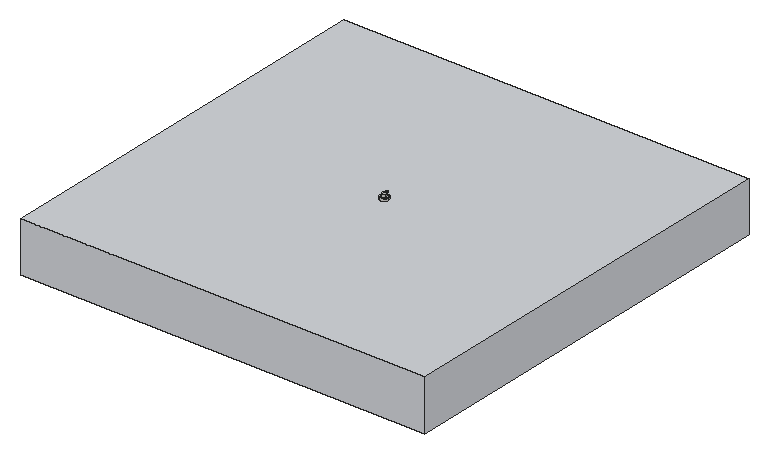
Revit family
Parameters (values of type "B-542")
  URL = "http://www.bobrick.com/"
  Type Comments = ""
  Specification = "Coat Hook shall be type-304 stainless steel with satin-finish. Coat Hook shall have 19mm (3/4\") diameter Post with 6.4mm (1/4\") diameter Hook Pin. Concealed mounting flange shall be 5.6mm (7/32\") thick stainless steel plate, 46mm (1-13/16\") outside diameter and equipped with two screw holes for attachment and thread on outside edge to fasten cover. Threaded flange cover shall be 1.4mm (17-gauge) stainless steel, 49mm (1-15/16\") diameter and shall fasten over mounting flange to conceal mounting screws. Post and mounting flange are to be machined as one piece."
  Product Page URL = "http://www.bobrick.com/washroomaccessories/Pages/ProductDetails.aspx?Product+Number=B-542"
  Product Documentation Link = "http://www.bobrick.com/Documents/B-542_td.pdf"
  Price = "Prices may vary. Please consult Manufacturer Representative for most up-to-date price list."  # constant formula
  Phone Number = "416-250-5656"  # constant formula
  Omniclass Table 23 Title = "Robe Hooks"  # constant formula
  Omniclass Table 23 Code = "23.40.20.21.31"  # constant formula
  Model = "B-542"
  Material = Stainless Steel-Bobrick-Type 304-Satin
  Manufacturer = "Bobrick"
  Length = 1 5/16"
  Installation Type = "Surface Mounted"
  Height = 1 15/16"
  Description = "Bobrick Coat Hook"
  Default Elevation = 24"
  Creation Date = "10/16/2015"  # constant formula
  Created By = "Allied Technical Services"  # constant formula
  Assembly Code = "E2010"
  ATS URL = "http://www.atsspec.net"
Reference planes (in)
  plane 1 "Center (Front/Back)": y = 0
  plane 2: z = 0
  plane 3 "Center (Left/Right)": x = 0
  plane 4: x = 0.96875
  plane 5: x = -0.96875
  plane 6: z = 0.5
  plane 7: z = 1.0625
  plane 8: x = -0.375
  plane 9: x = 0.375
  plane 10: z = 1.3125
Forms (in)
  Extrusion 1, solid
    sketch origin (0, 0, 0) x (1, 0, 0) y (0, 1, 0)
      loop
        line (-48, 48) -> (-48, -48) -> (48, -48) -> (48, 48) -> (-48, 48)
    from 0 to -12
  Revolve 2, solid, material "Stainless Steel-Bobrick-Type 304-Satin" <- "Material"
    sketch origin (0, 0, 0) x (1, 0, 0) y (0, 0, 1)
      loop
        line (0.96875, 0) -> (0.96875, 0.468)
        arc (0.96875, 0.468) -> (0.95938, 0.49063) -> (0.93675, 0.5) r 0.032
        line (0.93675, 0.5) -> (0.375, 0.5) -> (0.375, 1.2805)
        arc (0.375, 1.2805) -> (0.36563, 1.30313) -> (0.343, 1.3125) r 0.032
        line (0.343, 1.3125) -> (0, 1.3125) -> (0, 0) -> (0.96875, 0)
      axis (0, 1.3125) -> (0, 0)
    angle from 0 to 360
  Extrusion 3, solid, material "Stainless Steel-Bobrick-Type 304-Satin" <- "Material"
    sketch origin (0, 0, 0) x (1, 0, 0) y (0, 0, -1)
      loop
        circle (0, -1.0625) r 0.125
    from 0 to 0.875
Cuts and joins
  joined: Revolve 2, Extrusion 3
Dimensions and locks (in)
  plane 7 to Extrusion 1 = 1 1/16"
  Extrusion 1 to plane 10 = 1 5/16"
  Extrusion 1 to plane 7 = 1 1/16"
  plane 5 to plane 4 = 1 15/16"
  Extrusion 1 to plane 6 = 1/2"
  aligned and locked: plane 2 to Extrusion 1
  aligned and locked: level to Extrusion 1
